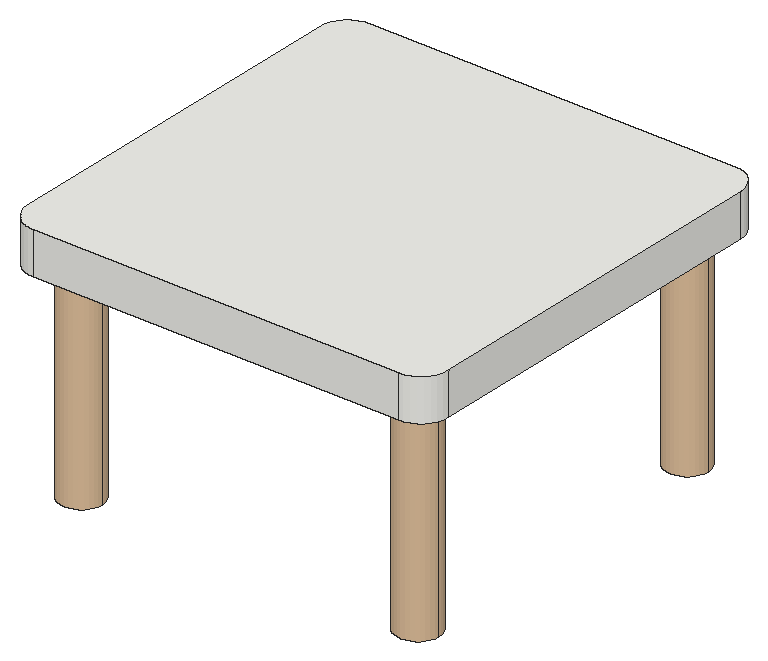
Revit family "Test family 2", category Furniture, Revit 2024
Family settings
  OmniClass Number = 23.40.20.14.17
  OmniClass Title = Residential Tables and Cabinets
  Work Plane-Based = No
  Enable Cutting in Views = No
  Always vertical = Yes
  Cut with Voids When Loaded = No
  Render Appearance Source = Family Geometry
  Shared = Yes
  Room Calculation Point = No
Parameters (values of type "0762 x 0762mm")
  Default Elevation = 0.00 mm
  Base Material = Wood - Birch
  Height = 457.00 mm
  Length = 762.00 mm
  Top Material = Laminate - Ivory, Matte
  Width = 762.00 mm
Types (4, lengths in mm): name | Height | Length | Width
  (no name) | 457.00 | 762.00 | 762.00
  0610 x 0160mm | 762.00 | 610.00 | 610.00
  0762 x 0762mm | 457.00 | 762.00 | 762.00
  0610 x 0915mm | 762.00 | 610.00 | 915.00
Reference planes
  plane 1: y = 152.4
  plane 2: z = 0
  plane 3 "Left": x = 3.734
  plane 4 "Right": x = 765.734
  plane 5 "Back": y = 533.4
  plane 6 "Front": y = -228.6
  plane 7: x = 384.734
Forms (mm)
  Extrusion 1, solid, material "Laminate - Ivory, Matte" <- "Top Material"
    sketch origin (0, 0, 0) x (1, 0, 0) y (0, 1, 0)
      loop
        line (54.534, -228.6) -> (714.934, -228.6)
        arc (714.934, -228.6) -> (750.855, -213.721) -> (765.734, -177.8) r 50.8
        line (765.734, -177.8) -> (765.734, 482.6)
        arc (765.734, 482.6) -> (750.855, 518.521) -> (714.934, 533.4) r 50.8
        line (714.934, 533.4) -> (54.534, 533.4)
        arc (54.534, 533.4) -> (18.613, 518.521) -> (3.734, 482.6) r 50.8
        line (3.734, 482.6) -> (3.734, -177.8)
        arc (3.734, -177.8) -> (18.613, -213.721) -> (54.534, -228.6) r 50.8
    from 380.8 to 457
  Extrusion 2, solid, material "Wood - Birch" <- "Base Material"
    sketch origin (0, 0, 0) x (1, 0, 0) y (0, 1, 0)
      loop
        circle (79.934, 457.2) r 38.1
      loop
        circle (79.934, -152.4) r 38.1
      loop
        circle (689.534, -152.4) r 38.1
      loop
        circle (689.534, 457.2) r 38.1
    from 0 to 380.8
Lines and regions (mm)
  Masking region 1
    outline origin (0, 0, 0) x (1, 0, 0) y (0, 1, 0)
      loop
        arc (54.534, 533.4) -> (18.613, 518.521) -> (3.734, 482.6) r 50.8
        line (3.734, 482.6) -> (3.734, -177.8)
        arc (3.734, -177.8) -> (18.613, -213.721) -> (54.534, -228.6) r 50.8
        line (54.534, -228.6) -> (714.934, -228.6)
        arc (714.934, -228.6) -> (750.855, -213.721) -> (765.734, -177.8) r 50.8
        line (765.734, -177.8) -> (765.734, 482.6)
        arc (765.734, 482.6) -> (750.855, 518.521) -> (714.934, 533.4) r 50.8
        line (714.934, 533.4) -> (54.534, 533.4)
Dimensions and locks
  locked: Extrusion 1 to Extrusion 1 at 76.2
  "Height": Extrusion 1 to plane 2
  locked: Extrusion 1 to Extrusion 2 sketch curve at 76.2  (x8)
  "Width": plane 5 "Back" to plane 6 "Front"
  "Length": plane 3 "Left" to plane 4 "Right"
  equal spacing: plane 5 "Back", plane 1, plane 6 "Front"
  equal spacing: plane 3 "Left", plane 7, plane 4 "Right"
  radius of Extrusion 1 sketch curve = 50.80 mm  (x4)
  aligned and locked: plane 2 to level
  aligned and locked: plane 6 "Front" to Extrusion 1 sketch curve
  aligned and locked: Extrusion 2 to Extrusion 1
  aligned and locked: Masking region 1 sketch curve to plane 5 "Back"
  aligned and locked: plane 3 "Left" to Masking region 1 sketch curve
  aligned and locked: plane 4 "Right" to Masking region 1 sketch curve
  aligned and locked: Masking region 1 sketch curve to plane 6 "Front"
  aligned: Masking region 1 sketch curve to Extrusion 1
Automatic sketch dimensions
  Extrusion 2 sketch curve to Extrusion 2 sketch curve = 38.10 mm  (x4)
  Extrusion 1 sketch curve to plane 3 "Left" = 0.00 mm
  Extrusion 1 sketch curve to plane 4 "Right" = 0.00 mm
  Extrusion 1 sketch curve to plane 5 "Back" = 0.00 mm
  plane 3 "Left" to Masking region 1 sketch curve = 50.80 mm  (x2)
  plane 4 "Right" to Masking region 1 sketch curve = 50.80 mm  (x2)
